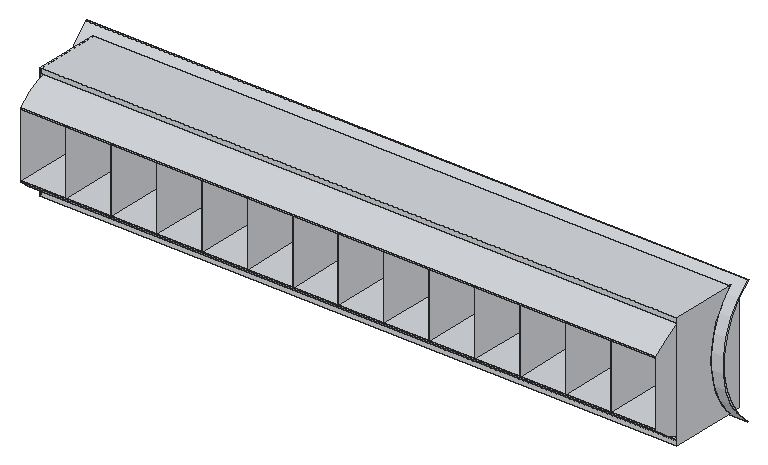
Revit family "ECOJET-12DIA-LENGTH", category Air Terminals, Revit 2018
Family settings
  Round Connector Dimension = Use Diameter
  Part Type = Normal
  Work Plane-Based = No
  Always vertical = Yes
  Cut with Voids When Loaded = No
  Shared = No
  Room Calculation Point = No
Parameters (values of type "ECOJET-70-12D")
  WIDOVER = 0' - 2 3/4"
  URL = "anemostat-hvac.com"
  Thickness = 0' - 0 1/16"
  RADIUS = 0' - 6"
  NORWID = NORMLENGTH - 0' 0 1/16"  # 5' - 9 15/16"
  NORMLENGTH = 5' - 10"
  NORHI = 1' - 0"
  Model = "ECOJET DRUM LOUVER"
  Manufacturer = "ANEMOSTAT-HVAC"
  IJOPENING = 0' - 11 1/2"
  HIOVER = 0' - 2"
  FRONTOPENDING = 0' - 7 1/4"
  DUCTWID = NORMLENGTH + 0' 1"  # 5' - 11"
  BOXWID = NORWID + WIDOVER  # 6' - 0 11/16"
  BOXHI = NORHI + 0' 1"  # 1' - 1"
  BLADE = (NORMLENGTH / ADIM) - 1  # 13
  ADIM = 0' - 5"
Types (9): name | NORWID | NORMLENGTH | DUCTWID | BOXWID | BLADE
  (no name) | 5' - 9 15/16" | 5' - 10" | 5' - 11" | 6' - 0 11/16" | 13
  ECOJET-20-12D | 1' - 7 15/16" | 1' - 8" | 1' - 9" | 1' - 10 11/16" | 3
  ECOJET-25-12D | 2' - 0 15/16" | 2' - 1" | 2' - 2" | 2' - 3 11/16" | 4
  ECOJET-30-12D | 2' - 5 15/16" | 2' - 6" | 2' - 7" | 2' - 8 11/16" | 5
  ECOJET-35-12D | 2' - 10 15/16" | 2' - 11" | 3' - 0" | 3' - 1 11/16" | 6
  ECOJET-40-12D | 3' - 3 15/16" | 3' - 4" | 3' - 5" | 3' - 6 11/16" | 7
  ECOJET-50-12D | 4' - 1 15/16" | 4' - 2" | 4' - 3" | 4' - 4 11/16" | 9
  ECOJET-60-12D | 4' - 11 15/16" | 5' - 0" | 5' - 1" | 5' - 2 11/16" | 11
  ECOJET-70-12D | 5' - 9 15/16" | 5' - 10" | 5' - 11" | 6' - 0 11/16" | 13
Reference planes (in)
  plane 1 "Center (Front/Back)": y = 0
  plane 2: z = 0
  plane 3 "Center (Left/Right)": x = 0
  plane 4 "REAR": y = 2.875
  plane 5 "RIGHTSIDE": x = 34.96875
  plane 6 "FRONT": y = -4.8125
  plane 7 "LEFTSIDE": x = -34.96875
  plane 8: z = 6
  plane 9: z = -6
  plane 10: z = 3.625
  plane 11: x = 34.90625
  plane 12: z = -3.625
  plane 13: x = -34.90625
  plane 14 "BLADE": x = -29.96875
  plane 15: x = -34.90625
  plane 16: z = 5.75
  plane 17: z = -5.75
Forms (in)
  Extrusion 1, solid
    sketch origin (34.96875, 0, 0) x (0, 1, 0) y (0, 0, -1)
      loop
        arc (-4.8125, -3.625) -> (-1.25144, -5.71019) -> (2.875, -5.75) r 8.02474
        line (2.875, -5.75) -> (2.875, 5.75)
        arc (2.875, 5.75) -> (-1.25159, 5.71071) -> (-4.8125, 3.625) r 8.02117
        line (-4.8125, 3.625) -> (-4.8125, -3.625)
    from 0 to 69.9375 <- "NORWID"
  Extrusion 2, void
    sketch origin (34.96875, -4.8125, 3.625) x (0, 0, 1) y (1, 0, 0)
      loop
        line (-0.0625, -69.875) -> (-0.0625, -0.0625) -> (-7.1875, -0.0625) -> (-7.1875, -69.875) -> (-0.0625, -69.875)
    from -1.37815 to 72.6875 <- "BOXWID"
Cuts and joins
  Extrusion 2 cuts Extrusion 1
Dimensions and locks (in)
  equal spacing: plane 7 "LEFTSIDE", plane 3 "Center (Left/Right)", plane 5 "RIGHTSIDE"
  "NORWID": plane 7 "LEFTSIDE" to plane 5 "RIGHTSIDE"
  equal spacing: plane 8, level, plane 9
  "NORHI": plane 8 to plane 9
  equal spacing: plane 5 "RIGHTSIDE", plane 3 "Center (Left/Right)", plane 7 "LEFTSIDE"
  "Thickness": plane 11 to plane 5 "RIGHTSIDE"
  locked: plane 7 "LEFTSIDE" to plane 13 at 0.0625
  "ADIM": plane 14 "BLADE" to plane 7 "LEFTSIDE"
  plane 1 "Center (Front/Back)" to plane 4 "REAR" = 0' - 2 7/8"
  plane 6 "FRONT" to plane 1 "Center (Front/Back)" = 0' - 4 13/16"
  locked: plane 4 "REAR" to plane 1 "Center (Front/Back)" at 2.875
  locked: plane 6 "FRONT" to plane 1 "Center (Front/Back)" at 4.8125
  "Thickness": plane 7 "LEFTSIDE" to plane 15
  equal spacing: plane 16, level, plane 17
  "IJOPENING": plane 16 to plane 17
  equal spacing: plane 10, level, plane 12
  "FRONTOPENDING": plane 10 to plane 12
  equal spacing: group 1, group 2, group 3, group 4, group 5, group 6, group 7, group 8, group 9, group 10, group 11, group 12, group 13  (x3)
  "ADIM": nested 3 to plane 14 "BLADE"
  aligned and locked: plane 2 to level
  aligned and locked: Extrusion 1 sketch curve to plane 6 "FRONT"
  aligned and locked: Extrusion 2 sketch curve to plane 11
  aligned and locked: plane 15 to Extrusion 2 sketch curve
  aligned and locked: plane 4 "REAR" to Extrusion 1 sketch curve
  aligned and locked: plane 14 "BLADE" to nested 1
  aligned and locked: level to nested 1
  aligned and locked: plane 3 "Center (Left/Right)" to nested 2
  aligned and locked: nested 2 to plane 1 "Center (Front/Back)"
  aligned and locked: plane 6 "FRONT" to nested 1
  aligned and locked: level to nested 3
  aligned and locked: level to nested 4
Automatic sketch dimensions
  Extrusion 1 sketch curve to plane 16 = 0' - 0"
  Extrusion 1 sketch curve to plane 10 = 0' - 0"
  plane 12 to Extrusion 1 sketch curve = 0' - 0"
  plane 17 to Extrusion 1 sketch curve = 0' - 0"
  Extrusion 1 sketch curve to plane 1 "Center (Front/Back)" = 0' - 0.8855"
  Extrusion 1 sketch curve to plane 1 "Center (Front/Back)" = 0' - 0.8866"
  Extrusion 1 to Extrusion 2 sketch curve = 0' - 0 1/16"  (x2)
Nested families (in)
  nested 1: "BLADE-12" at (-29.96875, -1.62109, -3.53125), type "BLADE-12"
  nested 2: "ECBOX-12" at (0, 2.25, 0), type "ECBOX-12"
    with NORWID 5' - 9 15/16", MOUNTINGWID 6' - 0 13/16", BOXWID 6' - 0 11/16", BOXLENGTH 5' - 10 1/16"
  nested 3: "BLADE-12" at (-24.96875, -1.62109, -3.53125), type "BLADE-12"
  nested 4: "BLADE-12" at (-19.96875, -1.62109, -3.53125), type "BLADE-12"
  nested 5: "BLADE-12" at (-14.96875, -1.62109, -3.53125), type "BLADE-12"
  nested 6: "BLADE-12" at (-9.96875, -1.62109, -3.53125), type "BLADE-12"
  nested 7: "BLADE-12" at (-4.96875, -1.62109, -3.53125), type "BLADE-12"
  nested 8: "BLADE-12" at (0.03125, -1.62109, -3.53125), type "BLADE-12"
  nested 9: "BLADE-12" at (5.03125, -1.62109, -3.53125), type "BLADE-12"
  nested 10: "BLADE-12" at (10.03125, -1.62109, -3.53125), type "BLADE-12"
  nested 11: "BLADE-12" at (15.03125, -1.62109, -3.53125), type "BLADE-12"
  nested 12: "BLADE-12" at (20.03125, -1.62109, -3.53125), type "BLADE-12"
  nested 13: "BLADE-12" at (25.03125, -1.62109, -3.53125), type "BLADE-12"
  nested 14: "BLADE-12" at (30.03125, -1.62109, -3.53125), type "BLADE-12"
Connectors (in)
  hvac at (0, 2.875, 0), driven by "BOXHI", driven by "NORMLENGTH"
    settings: on cut or joined group of Extrusion 1, Extrusion 2, index 1, duct flow 0 CFM, flow factor 0, pres drop 0.00 in-wg, loss coef 0, conn angle 0.00°, conn width 70", conn height 13", conn diameter 24", duct sys type 1, conn prof type 1, flow config 0, flow direction 2, loss method 0, conn ref index -1, conn util no, is conn primary yes, conn desc ""
Definition of nested family "BLADE-12"
  Parameters (values of type "BLADE-12")
    Width = 0' - 6 49/128"
    Thickness = 0' - 0 1/16"
    MID = HEIGHT / 2  # 0' - 3 17/32"
    HEIGHT = 0' - 7 1/16"
  Reference planes (in)
    plane 1 "Center (Front/Back)": y = 0
    plane 2: z = 0
    plane 3 "Center (Left/Right)": x = 0
    plane 4: y = 3.19141
    plane 5: x = 0.03125
    plane 6: y = -3.19141
    plane 7: x = -0.03125
    plane 8: z = 3.53125
  Forms (in)
    Extrusion 1, solid
      sketch origin (0, 0, 0) x (1, 0, 0) y (0, 1, 0)
        loop
          line (-0.03125, 3.19141) -> (-0.03125, -3.19141) -> (0.03125, -3.19141) -> (0.03125, 3.19141) -> (-0.03125, 3.19141)
      from 0 to 7.0625 <- "HEIGHT"
  Dimensions and locks (in)
    equal spacing: plane 7, plane 3 "Center (Left/Right)", plane 5
    equal spacing: plane 4, plane 1 "Center (Front/Back)", plane 6
    "Width": plane 4 to plane 6
    "Thickness": plane 7 to plane 5
    "MID": plane 8 to level
    aligned and locked: plane 2 to level
    aligned and locked: Extrusion 1 sketch curve to plane 4
    aligned and locked: plane 7 to Extrusion 1 sketch curve
    aligned and locked: Extrusion 1 sketch curve to plane 6
    aligned and locked: Extrusion 1 sketch curve to plane 5
Definition of nested family "ECBOX-12"
  Parameters (values of type "ECBOX-12")
    WIDOVER = 0' - 2 3/4"
    RAD = MOUNTRAD - 0' 0 1/16"  # 0' - 8 15/16"
    NORWID = 1' - 5 15/16"
    NORHI = 1' - 0"
    MOUNTRAD = 0' - 9"
    MOUNTINGWID = BOXLENGTH + 0' 2 3/4"  # 1' - 8 13/16"
    MOUNTINGHI = NORHI + HIOVER  # 1' - 2"
    LENGTHOVER = 0' - 0 1/16"
    IJCENTER = 0' - 2 5/16"
    HIOVER = 0' - 2"
    FLANGE = 0' - 0 1/2"
    DRUMCENTER = 0' - 2"
    CENTERDRUM = 1.06
    BOXWID = NORWID + WIDOVER  # 1' - 8 11/16"
    BOXLENGTH = NORWID + LENGTHOVER + 0' 0 1/16"  # 1' - 6 1/16"
    BOXHI = NORHI + 0' 0 5/8"  # 1' - 0 5/8"
    BOX = BDIM - LENGTHOVER  # 0' - 8 7/16"
    BDIM = 0' - 8 1/2"
  Reference planes (in)
    plane 1 "Center (Front/Back)": y = 0
    plane 2: z = 0
    plane 3 "Center (Left/Right)": x = 0
    plane 4: y = 4.25
    plane 5: x = 9.03125
    plane 6: y = -4.25
    plane 7: x = -9.03125
    plane 8: z = 6.3125
    plane 9: z = -6.3125
    plane 10: y = -2.25
    plane 11: z = 7
    plane 12: z = -7
    plane 13: y = 3.25
    plane 14 "MTGRIGHT": x = 10.40625
    plane 15 "MTGLEFT": x = -10.40625
    plane 16: y = 3.8125
    plane 17: y = 3.71875
    plane 18: x = 8.96875
    plane 19: z = -6.25
    plane 20: x = -8.96875
    plane 21: z = 6.25
  Forms (in)
    Extrusion 1, solid
      sketch origin (-61.38008, 4.25, 48) x (-1, 0, 0) y (0, 0, -1)
        loop
          line (-52.34883, 41.6875) -> (-52.34883, 54.3125) -> (-70.41133, 54.3125) -> (-70.41133, 41.6875) -> (-52.34883, 41.6875)
      from 0 to 8.5 <- "BDIM"
    Extrusion 2, void
      sketch origin (-61.38008, -4.25, 48) x (1, 0, 0) y (0, 0, -1)
        loop
          line (52.41133, 42.1875) -> (70.34883, 42.1875) -> (70.34883, 53.8125) -> (52.41133, 53.8125) -> (52.41133, 42.1875)
      from 0 to 9 <- "MOUNTRAD"
    Extrusion 3, solid
      sketch origin (10.40625, 0, 0) x (0, 0, -1) y (0, -1, 0)
        loop
          line (-7, -3.71875) -> (-7, -3.8125)
          arc (-7, -3.8125) -> (0, -0.43188) -> (7, -3.8125) r 8.9375
          line (7, -3.8125) -> (7, -3.71875)
          arc (7, -3.71875) -> (0, -0.3756) -> (-7, -3.71875) r 9
      from 0 to 20.8125 <- "MOUNTINGWID"
    Extrusion 4, void
      sketch origin (-61.38008, 4.25, 48) x (-1, 0, 0) y (0, 0, -1)
        loop
          line (-70.34883, 41.75) -> (-52.41133, 41.75) -> (-52.41133, 54.25) -> (-70.34883, 54.25) -> (-70.34883, 41.75)
      from 0 to 8.4375 <- "BOX"
    Extrusion 5, void
      sketch origin (-61.38008, 4.25, 48) x (-1, 0, 0) y (0, 0, -1)
        loop
          line (-70.34883, 41.75) -> (-52.41133, 41.75) -> (-52.41133, 54.25) -> (-70.34883, 54.25) -> (-70.34883, 41.75)
      from 0 to 8.4375 <- "BOX"
  Cuts and joins
    Extrusion 2, Extrusion 4, Extrusion 5 cuts Extrusion 1
    Extrusion 5 cuts Extrusion 3
    joined: Extrusion 1, Extrusion 3
  Dimensions and locks (in)
    equal spacing: plane 7, plane 3 "Center (Left/Right)", plane 5
    "BOXLENGTH": plane 7 to plane 5
    equal spacing: plane 4, plane 1 "Center (Front/Back)", plane 6
    "BDIM": plane 4 to plane 6
    equal spacing: plane 8, level, plane 9
    "BOXHI": plane 8 to plane 9
    equal spacing: plane 5, plane 3 "Center (Left/Right)", plane 7
    equal spacing: plane 6, plane 1 "Center (Front/Back)", plane 4
    plane 6 to plane 4 = 0' - 8 1/2"  (x2)
    "DRUMCENTER": plane 6 to plane 10
    "LENGTHOVER": plane 5 to Extrusion 2 sketch curve
    "FLANGE": Extrusion 2 sketch curve to plane 9
    "LENGTHOVER": Extrusion 2 sketch curve to plane 7
    "FLANGE": plane 8 to Extrusion 2 sketch curve
    equal spacing: plane 11, level, plane 12
    "MOUNTINGHI": plane 11 to plane 12
    plane 13 to plane 4 = 0' - 1"
    equal spacing: plane 14 "MTGRIGHT", plane 3 "Center (Left/Right)", plane 15 "MTGLEFT"
    "MOUNTINGWID": plane 14 "MTGRIGHT" to plane 15 "MTGLEFT"
    locked: plane 16 to plane 4 at 0.4375
    plane 17 to plane 16 = 0' - 0 3/32"
    "LENGTHOVER": plane 21 to plane 8
    "LENGTHOVER": plane 20 to plane 7
    "LENGTHOVER": plane 9 to plane 19
    "LENGTHOVER": plane 5 to plane 18
    equal spacing: Extrusion 5 sketch curve, level, Extrusion 5 sketch curve
    "MOUNTRAD": radius of Extrusion 3 sketch curve
    "RAD": radius of Extrusion 3 sketch curve
    aligned and locked: plane 2 to level
    aligned and locked: plane 8 to Extrusion 1 sketch curve
    aligned and locked: plane 7 to Extrusion 1 sketch curve
    aligned and locked: plane 9 to Extrusion 1 sketch curve
    aligned and locked: Extrusion 1 sketch curve to plane 5
    aligned and locked: plane 21 to Extrusion 4 sketch curve
    aligned and locked: Extrusion 4 sketch curve to plane 18
    aligned and locked: Extrusion 4 sketch curve to plane 19
    aligned and locked: plane 20 to Extrusion 4 sketch curve
    aligned and locked: cut or joined group of Extrusion 1, Extrusion 2, Extrusion 3, Extrusion 4, Extrusion 5 to Extrusion 5 sketch curve  (x2)
    aligned and locked: plane 21 to Extrusion 5 sketch curve
  Automatic sketch dimensions
    Extrusion 3 sketch curve to plane 11 = 0' - 0"
    Extrusion 3 sketch curve to level = 0' - 0"  (x2)
    plane 12 to Extrusion 3 sketch curve = 0' - 0"
    Extrusion 3 sketch curve to plane 16 = 0' - 0"
    Extrusion 3 sketch curve to plane 17 = 0' - 0"
